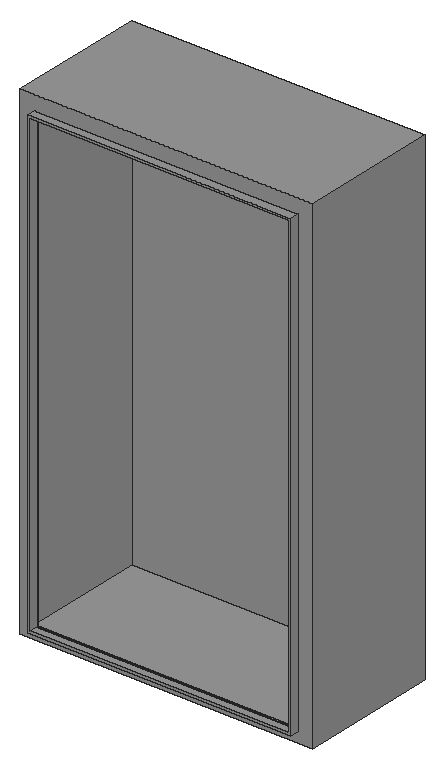
Revit family "Hager-Univers-IP30-D161-3rows-Cl.II-FWB_encl_empty-NoHosted-CH-en", category Equipement électrique, Revit 2020
Family settings
  Configuration du panneau = Deux colonnes, circuits au sein
  Cote de connecteur circulaire = Utiliser le diamètre
  Type d'élément = Tableau de raccordement
  Basée sur le plan de construction = Oui
  Toujours verticalement = Oui
  Couper avec des vides une fois chargée = Non
  Partagée = Non
  Point de calcul de pièce = Non
Parameters (values of type "Surface mounted (plaster) IP30 W300 H500 D161  - FWB31D1")
  Width Control [instance] = if([EF000008 - Width] > Min Width, [EF000008 - Width], Min Width)  # 300 mm
  Commentaires du type = [HG000003 - Range]  # "Univers"
  Thickness Door [instance] = if([EF009171 - Material plate thickness door/cover] > 3 mm, 3 mm, [EF009171 - Material plate thickness door/cover])  # 2 mm
  Seal Frame Offset [instance] = 17 mm  # constant formula
  Plinth Visibility [instance] = [HG000027 - Plinth height] > 0 mm  # no
  Min Width [instance] = 100 mm  # constant formula
  Min Depth [instance] = (2 * [EF009170 - Material plate thickness cabinet]) + 1 mm  # 5 mm
  Min Height [instance] = 100 mm  # constant formula
  Internal Frame Depth [instance] = (Door System Depth * 0.5)  # 9 mm
  Panel Name [instance] = ""  # (empty or 0)
  Model = ""
  HG000027 - Plinth height = 0 mm
  HG000026 - Floor standing = no
  HG000024 - Bottom section height = 600 mm
  HG000023 - Double section enclosure = no
  HG000016 - Door 3d visibility [instance] = yes
  HG000015 - Clearance visibility [instance] = no
  HG000014 - Door on the right [instance] = yes
  HG000013 - Door on the left [instance] = not([HG000014 - Door on the right])  # no
  HG000012 - Door swing angle [instance] = 30.00°
  HG000010 - Asymmetric doors = no
  HG000009 - Double swing door = no
  HG000006 - Flush mounted = no
  HG000004 - Manufacturer reference = "FWB31D1"
  HG000003 - Range = "Univers"
  HG000002 - With door or cover = no
  Frame Offset Bottom [instance] = 10 mm  # constant formula
  Frame Offset [instance] = 15 mm  # constant formula
  EF015940 - Cover with overpressure release = no
  EF011959 - Degree of protection (NEMA) = ""
  EF009554 - Number of openings for flange plates = 2
  EF009212 - Cover model = "EV009916 - With notch"
  EF009171 - Material plate thickness door/cover = 2 mm
  EF009170 - Material plate thickness cabinet = 2 mm
  EF008873 - Nominal current (In) = 125 A
  EF007800 - Suitable for lightning protection = no
  EF006306 - With lock = no
  EF006244 - Transparent cover/door = no
  EF005474 - Degree of protection (IP) = "EV006410 - IP30"
  EF004464 - Type of door = "EV000494 - None"
  EF004427 - Number of modules = 36
  EF004293 - Impact strength = "EV006815 - IK09"
  EF003532 - Suitable for outdoor use = no
  EF002950 - Width in number of modular spacings = 12
  EF001613 - Circuit integrity = "EV000494 - None"
  EF001596 - Material housing = "EV000179 - Steel"
  EF001131 - Internal depth = 156 mm
  EF001088 - Extension possible = yes
  EF000437 - Number of conduit inlets = 4
  EF000339 - Type of cover = "EV000494 - None"
  EF000266 - Number of rows = 0
  EF000218 - Built-in depth = 0 mm
  EF000118 - With mounting plate = no
  EF000116 - RAL-number = "9010"
  EF000049 - Depth = 161 mm
  EF000040 - Height = 500 mm
  EF000008 - Width = 300 mm
  EF000007 - Colour = "EV000202 - White"
  EF000003 - Mounting method = "EV000384 - Surface mounted (plaster)"
  Door System Leaf Tolerance [instance] = 1.5 mm  # constant formula
  Door System Depth [instance] = 18 mm  # constant formula
  Door Height [instance] = Height Control - [HG000027 - Plinth height]  # 500 mm
  Description = ""
  Default Elevation = 1219.2 mm
  Connector Offset [instance] = Height Control / 2  # 250 mm
  Fabricant = "Hager"  # constant formula
  Height Control [instance] = if([EF000040 - Height] > Min Height, [EF000040 - Height], Min Height)  # 500 mm
  Depth Control [instance] = if([EF000049 - Depth] > Min Depth, [EF000049 - Depth], Min Depth)  # 161 mm
  Bottom Top Plate Trim [instance] = 1.5 mm  # constant formula
  Plinth height Ctrl [instance] = if([HG000027 - Plinth height] > 0 mm, [HG000027 - Plinth height], 12 mm)  # 12 mm
Reference planes
  plane 1 "Center (Front/Back)": y = 0
  plane 2: z = 0
  plane 3 "Center (Left/Right)": x = 0
  plane 4: y = 0
  plane 5: y = 0
  plane 6: z = 0
  plane 7: x = -150
  plane 8: x = 150
  plane 9: x = 148
  plane 10: x = -148
  plane 11: z = 0
  plane 12: z = 2
  plane 13: y = -161
  plane 14: y = -2
  plane 15: x = 0
  plane 16: y = -143
  plane 17: y = -159
  plane 18: y = -141
  plane 19: x = -133
  plane 20: x = 133
  plane 21: z = 12
  plane 22: x = -133
  plane 23: x = 133
  plane 24: z = 0
  plane 25: z = 500
  plane 26: z = 500
  plane 27: z = 483
  plane 28: z = 498
Forms (mm)
  Extrusion 1, solid, material "Hager_Steel_RAL7035_Light_Grey", detail levels medium+fine
    sketch origin (-208.679, -4572, 0) x (-1, 0, 0) y (0, -1, 0)
      loop
        line (-58.679, -4429) -> (-358.679, -4429) -> (-358.679, -4572) -> (-58.679, -4572) -> (-58.679, -4429)
    from 0 to 500
  Extrusion 2, void
    sketch origin (-350.771, -161, 1219.2) x (1, 0, 0) y (0, 0, 1)
      loop
        line (202.771, -721.2) -> (202.771, -1217.2) -> (498.771, -1217.2) -> (498.771, -721.2) -> (202.771, -721.2)
    from -20 to -159
  Extrusion 3, void
    sketch origin (-290.084, -143, 1219.2) x (1, 0, 0) y (0, 0, 1)
      loop
        line (157.084, -1207.2) -> (423.084, -1207.2) -> (423.084, -736.2) -> (157.084, -736.2) -> (157.084, -1207.2)
    from 0 to -2
  Extrusion 4, solid, material "Hager_Steel_RAL7035_Light_Grey", visible <- "Plinth Visibility", detail levels medium+fine
    sketch origin (0, 0, 0) x (1, 0, 0) y (0, 1, 0)
      loop
        line (-150, 0) -> (-150, -143) -> (150, -143) -> (150, 0) -> (-150, 0)
    from 0 to 12 <- "Plinth height Ctrl"
  Extrusion 5, solid, material "Hager_Steel_RAL7035_Light_Grey", detail levels coarse
    sketch origin (0, 0, 0) x (1, 0, 0) y (0, 1, 0)
      loop
        line (-150, 0) -> (-150, -161) -> (150, -161) -> (150, 0) -> (-150, 0)
    from 0 to 500 <- "Height Control"
  Sweep 6, void
    path in 3D
      loop
        line (-150, -143, 12) -> (150, -143, 12) -> (150, 0, 12) -> (-150, 0, 12) -> (-150, -143, 12)
    profile origin (-150, -71.5, 12) x (1, 0, 0) y (0, 0, 1)
      loop
        line (0, 0) -> (0, -1.5) -> (1.5, -1.5)
        arc (1.5, -1.5) -> (1.061, -0.439) -> (0, 0) r 1.5
  Extrusion 7, solid, material "Hager_Steel_RAL7035_Light_Grey", detail levels fine
    sketch origin (-150, -143, 0) x (1, 0, 0) y (0, 0, 1)
      loop
        line (17, 12) -> (283, 12) -> (283, 483) -> (17, 483) -> (17, 12)
      loop
        line (15, 10) -> (285, 10) -> (285, 485) -> (15, 485) -> (15, 10)
    from 0 to 9 <- "Internal Frame Depth"
Cuts and joins
  Extrusion 2, Extrusion 3 cuts Extrusion 1
  Sweep 6 cuts Extrusion 4
Lines and regions (mm)
  Masking region 1
    outline origin (0, 0, 0) x (1, 0, 0) y (0, 1, 0)
      loop
        line (-150, 0) -> (-150, -161) -> (150, -161) -> (150, 0) -> (-150, 0)
  Masking region 2, detail levels coarse
    outline origin (-290.084, -143, 1219.2) x (-1, 0, 0) y (0, 0, 1)
      loop
        line (-440.084, -1219.2) -> (-140.084, -1219.2) -> (-140.084, -719.2) -> (-440.084, -719.2) -> (-440.084, -1219.2)
  Masking region 3, detail levels coarse
    outline origin (0, 0, 0) x (0, 1, 0) y (0, 0, 1)
      loop
        line (0, 0) -> (0, 500) -> (-161, 500) -> (-161, 0) -> (0, 0)
  Masking region 4, visible <- "Plinth Visibility", detail levels medium+fine
    outline origin (0, 0, 0) x (0, 1, 0) y (0, 0, 1)
      loop
        line (-1.5, 12) -> (-141.5, 12)
        arc (-141.5, 12) -> (-141.939, 10.939) -> (-143, 10.5) r 1.5
        line (-143, 10.5) -> (-143, 0) -> (0, 0) -> (0, 10.5)
        arc (0, 10.5) -> (-1.061, 10.939) -> (-1.5, 12) r 1.5
  Masking region 5, detail levels medium+fine
    outline origin (0, 0, 594.038) x (0, 1, 0) y (0, 0, 1)
      loop
        line (0, -594.038) -> (0, -94.038) -> (-143, -94.038) -> (-143, -594.038) -> (0, -594.038)
  Masking region 6, detail levels medium+fine
    outline origin (-359.7, -143, 1211.883) x (-1, 0, 0) y (0, 0, 1)
      loop
        line (-509.7, -1211.883) -> (-209.7, -1211.883) -> (-209.7, -711.883) -> (-509.7, -711.883) -> (-509.7, -1211.883)
  Masking region 7, visible <- "Plinth Visibility", detail levels medium+fine
    outline origin (-320.334, -143, 1041.368) x (-1, 0, 0) y (0, 0, 1)
      loop
        line (-470.334, -1041.368) -> (-170.334, -1041.368) -> (-170.334, -1030.868)
        arc (-170.334, -1030.868) -> (-171.394, -1030.429) -> (-171.834, -1029.368) r 1.5
        line (-171.834, -1029.368) -> (-468.834, -1029.368)
        arc (-468.834, -1029.368) -> (-469.273, -1030.429) -> (-470.334, -1030.868) r 1.5
        line (-470.334, -1030.868) -> (-470.334, -1041.368)
  sketch lines
    curve 1: line (-150, 0, 12) -> (-150, -143, 12)
    curve 2: line (-150, -143, 12) -> (150, -143, 12)
    curve 3: line (150, 0, 12) -> (-150, 0, 12)
    curve 4: line (150, -143, 12) -> (150, 0, 12)
Dimensions and locks
  locked: plane 1 "Center (Front/Back)" to plane 5
  "EF009170 - Material plate thickness cabinet": plane 7 to plane 10
  "EF009170 - Material plate thickness cabinet": plane 8 to plane 9
  equal spacing: plane 7, plane 3 "Center (Left/Right)", plane 8
  "Width Control": plane 7 to plane 8
  "Depth Control": plane 4 to plane 13
  "EF009170 - Material plate thickness cabinet": plane 4 to plane 14
  "Height Control": plane 25 to level
  "HG000027 - Plinth height": plane 11 to level
  "EF009170 - Material plate thickness cabinet": plane 12 to plane 11
  "EF009170 - Material plate thickness cabinet": plane 17 to plane 13
  "EF009170 - Material plate thickness cabinet": plane 18 to plane 16
  "Frame Offset Bottom": plane 21 to plane 12
  "Frame Offset": plane 10 to plane 19
  "Frame Offset": plane 9 to plane 20
  "Door System Depth": plane 16 to plane 13
  "Seal Frame Offset": plane 7 to plane 22
  "Seal Frame Offset": plane 8 to plane 23
  "EF009170 - Material plate thickness cabinet": plane 26 to plane 28
  "Frame Offset": plane 28 to plane 27
  "Connector Offset": plane 2 to connector elem
  "Bottom Top Plate Trim": profile plane to Sweep 6 sketch curve
  "Bottom Top Plate Trim": Sweep 6 sketch curve to Sweep 6 sketch curve
  "Plinth height Ctrl": Masking region 4 sketch curve to level
  "Plinth height Ctrl": Masking region 7 sketch curve to level
  "Thickness Door": Extrusion 7 sketch curve to Extrusion 7 sketch curve  (x4)
  "Bottom Top Plate Trim": radius of Sweep 6 sketch curve
  "Bottom Top Plate Trim": radius of Masking region 4 sketch curve  (x2)
  "Bottom Top Plate Trim": radius of Masking region 7 sketch curve  (x2)
  aligned and locked: plane 12 to Extrusion 2 sketch curve
  aligned and locked: Extrusion 2 sketch curve to plane 9
  aligned and locked: Extrusion 2 sketch curve to plane 10
  aligned and locked: plane 14 to Extrusion 2
  aligned and locked: plane 4 to Extrusion 1 sketch curve
  aligned and locked: plane 8 to Extrusion 1 sketch curve
  aligned and locked: plane 7 to Extrusion 1 sketch curve
  aligned and locked: Extrusion 2 to plane 18
  aligned and locked: plane 19 to Extrusion 3 sketch curve
  aligned and locked: plane 20 to Extrusion 3 sketch curve
  aligned and locked: Extrusion 3 to Extrusion 2
  aligned and locked: Extrusion 3 sketch curve to plane 21
  aligned and locked: plane 3 "Center (Left/Right)" to nested 1
  aligned and locked: Extrusion 1 sketch curve to plane 16
  aligned and locked: Extrusion 4 sketch curve to cut or joined group of Extrusion 1, Extrusion 2, Extrusion 3
  aligned and locked: Masking region 1 sketch curve to plane 7
  aligned and locked: Masking region 1 sketch curve to plane 5
  aligned and locked: Masking region 1 sketch curve to plane 8
  aligned and locked: Masking region 2 sketch curve to level
  aligned and locked: level to Masking region 3 sketch curve
  aligned and locked: plane 1 "Center (Front/Back)" to Masking region 3 sketch curve
  aligned and locked: plane 13 to Masking region 3 sketch curve
  aligned and locked: plane 5 to Masking region 4 sketch curve
  aligned and locked: Masking region 2 sketch curve to plane 8
  aligned and locked: Masking region 2 sketch curve to plane 7
  aligned and locked: plane 7 to nested 2
  aligned and locked: nested 2 to plane 5
  aligned and locked: plane 5 to Masking region 5 sketch curve
  aligned and locked: plane 26 to Masking region 5 sketch curve
  aligned and locked: Extrusion 5 sketch curve to plane 8
  aligned and locked: Extrusion 5 sketch curve to plane 7
  aligned and locked: Extrusion 5 sketch curve to plane 5
  aligned and locked: plane 27 to Extrusion 3 sketch curve
  aligned and locked: Extrusion 2 sketch curve to plane 28
  aligned and locked: Masking region 2 to plane 25
  aligned and locked: Extrusion 4 to plane 16
  aligned and locked: profile plane to Sweep 6 sketch curve
  aligned and locked: Masking region 5 sketch curve to plane 24
  aligned and locked: level to Masking region 4 sketch curve
  aligned and locked: Masking region 1 to plane 13
  aligned and locked: nested 1 to plane 16
  aligned and locked: Masking region 3 to plane 25
  aligned and locked: plane 16 to Masking region 4 sketch curve
  aligned and locked: Masking region 5 sketch curve to plane 16
  aligned and locked: plane 24 to plane 11
  aligned and locked: plane 26 to plane 25
  aligned and locked: plane 26 to cut or joined group of Extrusion 1, Extrusion 2, Extrusion 3
  aligned and locked: nested 1 to plane 24
  aligned and locked: Extrusion 1 to Extrusion 3
  aligned and locked: Masking region 6 sketch curve to plane 8
  aligned and locked: plane 24 to Masking region 6 sketch curve
  aligned and locked: Masking region 6 sketch curve to plane 7
  aligned and locked: Masking region 6 sketch curve to plane 26
  aligned and locked: Masking region 7 sketch curve to plane 7
  aligned and locked: level to Masking region 7 sketch curve
  aligned and locked: Masking region 7 sketch curve to plane 8
  aligned and locked: Extrusion 7 sketch curve to cut or joined group of Extrusion 1, Extrusion 2, Extrusion 3  (x4)
Automatic sketch dimensions
  plane 19 to Extrusion 3 sketch curve = 0 mm
  Extrusion 3 sketch curve to plane 20 = 0 mm
  Extrusion 3 sketch curve to plane 21 = 0 mm
  Extrusion 4 sketch curve to plane 7 = 0 mm
  Extrusion 4 sketch curve to plane 8 = 0 mm
  Extrusion 4 sketch curve to plane 16 = 0 mm
  Masking region 1 sketch curve to plane 13 = 0 mm
  Masking region 2 sketch curve to plane 25 = 0 mm
  Masking region 3 sketch curve to plane 25 = 0 mm
  Extrusion 5 sketch curve to plane 13 = 0 mm
  profile plane to Sweep 6 sketch curve = 0 mm
Nested families
  nested 1: "EC000058_Univers_Door" at (0, -143, 0), Double <- "HG000009 - Double swing door", Transparent <- "EF006244 - Transparent cover/door", Angle <- "HG000012 - Door swing angle", Door_Right <- "HG000014 - Door on the right", Assymetrical <- "HG000010 - Asymmetric doors", Door <- "HG000002 - With door or cover", Width_Ctrl <- "Width Control", 3d_Door <- "HG000016 - Door 3d visibility", Clearance <- "HG000015 - Clearance visibility", Door_Left <- "HG000013 - Door on the left", Width <- "Width Control", Door_Depth <- "Door System Depth", Leaf_Tolerance <- "Door System Leaf Tolerance", Height <- "Door Height", Lock_Visibility <- "EF006306 - With lock", Thickness <- "Thickness Door", type "EC000058_Univers_Door", detail levels medium+fine
    with min_wh 5 mm, Width_Ctrl 300 mm, Width 300 mm, Transparent no, Thickness 2 mm, Seal_Material Hager_Rubber, Lock_Visibility no, Lock_Material Hager_Plastic_RAL9005_Jet_Black, Leaf_Width 300 mm, Leaf_Tolerance_External_Sides 0 mm, Leaf_Tolerance 1.5 mm, Leaf_Offset 0 mm, Leaf_Height 497 mm, Leaf_2_Width 300 mm, Leaf_2_Offset 150 mm, Leaf_1_Width 300 mm, Leaf_1_Offset 150 mm, Height_Ctrl 500 mm, Height 500 mm, Glass_Material Hager_Glass, Double_Clearance_Ctrl no, Double no, Door_Right_Ctrl no, Door_Right yes, Door_Material Hager_Steel_RAL7035_Light_Grey, Door_Left_Ctrl no, Door_Left no, Door_Depth 18 mm, Door no, Clearance_Material Hager_Clearance, Clearance_Depth 300 mm, Clearance_Ctrl no, Clearance no, Assymetrical no, Angle 30.00°, 3d_Door yes
  nested 2: "Hager_Enclosure_Symbol" at (-150, 0, 0), Height <- "Depth Control", Width <- "Width Control", type "Hager_Enclosure_Symbol"
    with Width_Ctrl 300 mm, Width 300 mm, Height_Ctrl 161 mm, Height 161 mm, A_Width_Int 10.566 mm, A_Width 126.788 mm, A_Height_Ctrl 140.875 mm, A_Height 140.875 mm
Connectors
  electrical at (0, 0, 250)
    settings: on plane 1 "Center (Front/Back)", index 1, voltage 0 V, apparent load 0 VA, apparent load phase1 0 VA, apparent load phase2 0 VA, apparent load phase3 0 VA, power factor 1, load classification "Other", number of poles 1, system type 30, power factor state 1, is connector primary yes, connector utility no, sub classification motor no, connector description ""
Definition of nested family "EC000058_Univers_Door"
  Parameters (values of type "EC000058_Univers_Door")
    min_wh [instance] = (2 * Thickness) + 1 mm  # 11 mm
    Width_Ctrl [instance] = 400 mm
    Width [instance] = 500 mm
    Transparent [instance] = yes
    Thickness [instance] = 5 mm
    Seal_Material [instance] = none
    Lock_Visibility [instance] = yes
    Lock_Material [instance] = none
    Leaf_Width [instance] = if((Width_Ctrl - 2 * Leaf_Tolerance_External_Sides) > 0 mm, (Width_Ctrl - 2 * Leaf_Tolerance_External_Sides), min_wh)  # 400 mm
    Leaf_Tolerance_External_Sides [instance] = 0 mm  # constant formula
    Leaf_Tolerance [instance] = 1.5 mm
    Leaf_Offset [instance] = 0 mm  # constant formula
    Leaf_Height [instance] = if((Height_Ctrl - 2 * Leaf_Tolerance) > 0 mm, (Height_Ctrl - 2 * Leaf_Tolerance), min_wh)  # 497 mm
    Leaf_2_Width [instance] = if(and(and(Double, Assymetrical), Door_Left), (Leaf_Width / 3) - (Leaf_Tolerance / 2), if(and(and(Double, Assymetrical), Door_Right), (Leaf_Width / 3) * 2 - (Leaf_Tolerance / 2), if(and(Double, not(Assymetrical)), (Leaf_Width / 2) - Leaf_Tolerance, Leaf_Width)))  # 400 mm
    Leaf_2_Offset [instance] = if(and(Double, Assymetrical), Leaf_2_Width / 2, if(and(Double, not(Assymetrical)), Leaf_Width / 4, Leaf_Width / 2))  # 200 mm
    Leaf_1_Width [instance] = if(and(and(Double, Assymetrical), Door_Right), (Leaf_Width / 3) - (Leaf_Tolerance / 2), if(and(and(Double, Assymetrical), Door_Left), (Width / 3) * 2 - (Leaf_Tolerance / 2), if(and(Double, not(Assymetrical)), (Leaf_Width / 2) - Leaf_Tolerance, Leaf_Width)))  # 400 mm
    Leaf_1_Offset [instance] = if(and(Double, Assymetrical), Leaf_1_Width / 2, if(and(Double, not(Assymetrical)), Leaf_Width / 4, Leaf_Width / 2))  # 200 mm
    Height_Ctrl [instance] = if(Height > min_wh, Height, min_wh)  # 500 mm
    Height [instance] = 500 mm
    Glass_Material [instance] = none
    Double_Clearance_Ctrl [instance] = and(Double, Clearance)  # no
    Double [instance] = no
    Door_Right_Ctrl [instance] = and(or(Door_Right, Double), Door)  # yes
    Door_Right [instance] = yes
    Door_Material [instance] = none
    Door_Left_Ctrl [instance] = and(or(Door_Left, Double), Door)  # no
    Door_Left [instance] = no
    Door_Depth [instance] = 30 mm
    Door [instance] = yes
    Default Elevation = 1219.2 mm
    Clearance_Material [instance] = none
    Clearance_Depth [instance] = if(Leaf_1_Width > Leaf_2_Width, Leaf_1_Width, Leaf_2_Width)  # 400 mm
    Clearance_Ctrl [instance] = and(not(Double), Clearance)  # yes
    Clearance [instance] = yes
    Assymetrical [instance] = yes
    Angle [instance] = 30.00°
    3d_Door [instance] = yes
  Reference planes
    plane 1 "Center (Front/Back)": y = 0
    plane 2 "Bottom": z = 0
    plane 3 "Center (Left/Right)": x = 0
    plane 4: z = 500
    plane 5: x = -200
    plane 6: x = 200
    plane 7: z = 500
    plane 8: x = -200
    plane 9: z = 0
    plane 10: x = 200
    plane 11: y = 0
    plane 12: z = 1.5
    plane 13: x = -600
    plane 14: y = -400
    plane 15: x = 600
    plane 16: x = 0
    plane 17: x = 0
    plane 18: x = -200
    plane 19: x = 200
    plane 20: z = 498.5
  Forms (mm)
    Extrusion 1, solid, material <- "Clearance_Material", visible <- "Double_Clearance_Ctrl"
      sketch origin (1200, 0, 0) x (1, 0, 0) y (0, 0, -1)
        loop
          line (-1800, -498.5) -> (-600, -498.5) -> (-600, 0) -> (-1800, 0) -> (-1800, -498.5)
      from 0 to -400
  Dimensions and locks
    equal spacing: plane 5, plane 3 "Center (Left/Right)", plane 6
    "Width_Ctrl": plane 5 to plane 6
    "Leaf_Offset": plane 5 to plane 8
    "Leaf_Offset": plane 6 to plane 10
    "Leaf_Offset": plane 9 to level
    "Leaf_Offset": plane 4 to plane 7
    "Height_Ctrl": plane 4 to level
    "Leaf_Tolerance": plane 12 to plane 9
    locked: plane 11 to plane 1 "Center (Front/Back)"
    "Leaf_1_Offset": plane 18 to plane 16
    "Leaf_2_Offset": plane 17 to plane 19
    "Leaf_1_Width": plane 13 to plane 8
    "Leaf_2_Width": plane 10 to plane 15
    "Clearance_Depth": plane 14 to plane 1 "Center (Front/Back)"
    "Leaf_Tolerance_External_Sides": plane 8 to plane 18
    "Leaf_Tolerance_External_Sides": plane 19 to plane 10
    "Leaf_Tolerance": plane 7 to plane 20
    aligned and locked: level to plane 2 "Bottom"
    aligned and locked: nested 1 to plane 16
    aligned and locked: nested 2 to plane 17
    aligned and locked: Extrusion 1 to plane 13
    aligned and locked: plane 15 to Extrusion 1
    aligned and locked: Extrusion 1 to plane 14
    aligned and locked: plane 12 to nested 1
    aligned and locked: nested 2 to plane 12
    aligned and locked: Extrusion 1 to plane 11
    aligned and locked: plane 20 to Extrusion 1
    aligned and locked: nested 2 to plane 11
    aligned and locked: nested 1 to plane 11
  Automatic sketch dimensions
    Extrusion 1 sketch curve to level = 0 mm
    plane 5 to Extrusion 1 sketch curve = 400 mm
    plane 6 to Extrusion 1 sketch curve = 400 mm
    Extrusion 1 sketch curve to plane 4 = 1.5 mm
  Nested families
    nested 1: "EC000058_Univers_Door_Leaf" at (0, 0, 1.5), Width <- "Leaf_1_Width", visible <- "Door_Left_Ctrl", Leaf_Height <- "Leaf_Height", Angle <- "Angle", 3d_Door <- "3d_Door", Transparent <- "Transparent", Clearance Material <- "Clearance_Material", Clearance <- "Clearance_Ctrl", Door_Material <- "Door_Material", Glass_Material <- "Glass_Material", Door_Depth <- "Door_Depth", Lock_Material <- "Lock_Material", Seal_Material <- "Seal_Material", Lock_Visibility <- "Lock_Visibility", Thickness <- "Thickness", type "EC000058_Univers_Door_Leaf"
      with Width 400 mm, Transparent_Glass_Offset 30 mm, Transparent_Ctrl yes, Transparent yes, Thickness 5 mm, Standard no, Seal_Material none, Seal_D2 8 mm, Seal_D1 1 mm, Offset_Internal_Frame 10 mm, Lock_Width 20 mm, Lock_Visibility_3d yes, Lock_Visibility yes, Lock_Thickness_3 3 mm, Lock_Thickness_2 1 mm, Lock_Thickness_1 3 mm, Lock_Radius_Offset_2 16 mm, Lock_Radius_Offset_1 15 mm, Lock_Radius_2 5 mm, Lock_Radius 6 mm, Lock_Offset 5 mm, Lock_Material none, Lock_Height 80 mm, Lock_Cover_Top_Offset_2d 17 mm, Lock_Cover_Height -65 mm, Leaf_Height 497 mm, Internal_Seal_Thickness 8 mm, Internal_Seal_Depth_2 4.5 mm, Internal_Frame_Depth 25 mm, Glass_Thickness -1 mm, Glass_Offset -2 mm, Glass_Material none, Door_Material none, Door_Depth 30 mm, Clearance Material none, Clearance yes, Angle_Ctrl 30.00°, Angle 30.00°, 3d_Door yes
    nested 2: "EC000058_Univers_Door_Leaf" at (0, 0, 1.5) x (-1, 0, 0) z (0, 0, 1), Width <- "Leaf_2_Width", visible <- "Door_Right_Ctrl", Leaf_Height <- "Leaf_Height", Angle <- "Angle", 3d_Door <- "3d_Door", Transparent <- "Transparent", Clearance Material <- "Clearance_Material", Clearance <- "Clearance_Ctrl", Door_Material <- "Door_Material", Glass_Material <- "Glass_Material", Door_Depth <- "Door_Depth", Lock_Material <- "Lock_Material", Seal_Material <- "Seal_Material", Lock_Visibility <- "Lock_Visibility", Thickness <- "Thickness", type "EC000058_Univers_Door_Leaf"
      with Width 400 mm, Transparent_Glass_Offset 30 mm, Transparent_Ctrl yes, Transparent yes, Thickness 5 mm, Standard no, Seal_Material none, Seal_D2 8 mm, Seal_D1 1 mm, Offset_Internal_Frame 10 mm, Lock_Width 20 mm, Lock_Visibility_3d yes, Lock_Visibility yes, Lock_Thickness_3 3 mm, Lock_Thickness_2 1 mm, Lock_Thickness_1 3 mm, Lock_Radius_Offset_2 16 mm, Lock_Radius_Offset_1 15 mm, Lock_Radius_2 5 mm, Lock_Radius 6 mm, Lock_Offset 5 mm, Lock_Material none, Lock_Height 80 mm, Lock_Cover_Top_Offset_2d 17 mm, Lock_Cover_Height -65 mm, Leaf_Height 497 mm, Internal_Seal_Thickness 8 mm, Internal_Seal_Depth_2 4.5 mm, Internal_Frame_Depth 25 mm, Glass_Thickness -1 mm, Glass_Offset -2 mm, Glass_Material none, Door_Material none, Door_Depth 30 mm, Clearance Material none, Clearance yes, Angle_Ctrl 30.00°, Angle 30.00°, 3d_Door yes
  Definition of nested family "EC000058_Univers_Door_Leaf"
    Parameters (values of type "EC000058_Univers_Door_Leaf")
      Width [instance] = 2000 mm
      Transparent_Glass_Offset [instance] = 30 mm
      Transparent_Ctrl [instance] = and(Transparent, [3d_Door])  # yes
      Transparent [instance] = yes
      Thickness [instance] = 5 mm
      Standard [instance] = and(not(Transparent), [3d_Door])  # no
      Seal_Material [instance] = none
      Seal_D2 [instance] = 8 mm  # constant formula
      Seal_D1 [instance] = 1 mm  # constant formula
      Offset_Internal_Frame [instance] = 10 mm  # constant formula
      Lock_Width [instance] = 20 mm  # constant formula
      Lock_Visibility_3d [instance] = and(Lock_Visibility, [3d_Door])  # yes
      Lock_Visibility [instance] = yes
      Lock_Thickness_3 [instance] = 3 mm  # constant formula
      Lock_Thickness_2 [instance] = 1 mm  # constant formula
      Lock_Thickness_1 [instance] = 3 mm  # constant formula
      Lock_Radius_Offset_2 [instance] = Lock_Radius_Offset_1 + 1 mm  # 16 mm
      Lock_Radius_Offset_1 [instance] = 15 mm  # constant formula
      Lock_Radius_2 [instance] = Lock_Radius - 1 mm  # 5 mm
      Lock_Radius [instance] = 6 mm  # constant formula
      Lock_Offset [instance] = 5 mm  # constant formula
      Lock_Material [instance] = none
      Lock_Height [instance] = 80 mm  # constant formula
      Lock_Cover_Top_Offset_2d [instance] = Lock_Radius_Offset_2 + 1 mm  # 17 mm
      Lock_Cover_Height [instance] = -(Lock_Height - Lock_Radius_Offset_1)  # -65 mm
      Leaf_Height [instance] = 2720.336 mm
      Internal_Seal_Thickness [instance] = 8 mm  # constant formula
      Internal_Seal_Depth_2 [instance] = 4.5 mm  # constant formula
      Internal_Frame_Depth [instance] = if(Door_Depth - Thickness > 5 mm, Door_Depth - Thickness, 5 mm)  # 25 mm
      Glass_Thickness [instance] = if(Thickness > 15 mm, Glass_Offset + 10 mm, -1 mm)  # -1 mm
      Glass_Offset [instance] = if(Thickness > 15 mm, -(Thickness + 10 mm) / 2, -2 mm)  # -2 mm
      Glass_Material [instance] = none
      Door_Material [instance] = none
      Door_Depth [instance] = 30 mm
      Default Elevation = 0 mm
      Clearance Material [instance] = none
      Clearance [instance] = yes
      Angle_Ctrl [instance] = if(Angle > 180.00°, 180.00°, Angle)  # 90.00°
      Angle [instance] = 90.00°
      3d_Door [instance] = yes
    Reference planes
      plane 1 "Center (Front/Back)": y = 0
      plane 2: z = 0
      plane 3 "Center (Left/Right)": x = 0
      plane 4: y = 2000
      plane 5: x = -1000
      plane 6: x = 1000
      plane 7: x = -3000
      plane 8: z = 2720.336
      plane 9: z = 30
      plane 10: z = 2690.336
      plane 11: x = 970
      plane 12: x = -970
      plane 13: y = -3
      plane 14: z = 107.833
      plane 15: y = -5
      plane 16: y = -223.314
      plane 17: x = -1000
      plane 18: z = 1360.168
      plane 19: y = 30
    Forms (mm)
      Extrusion 1, solid, material <- "Clearance Material", visible <- "Clearance"
        sketch origin (0, 0, 0) x (1, 0, 0) y (0, 0, 1)
          loop
            line (-3000, 2720.336) -> (-3000, 0) -> (1000, 0) -> (1000, 2720.336) -> (-3000, 2720.336)
        from 0 to -2000
      Extrusion 2, solid, material <- "Door_Material", visible <- "Standard", detail levels medium+fine
        sketch origin (-1000, 0, 0) x (0, 1, 0) y (-1, 0, 0)
          loop
            line (0, 30) -> (0, 25) -> (2000, 25) -> (2000, 30) -> (0, 30)
        from 0 to 2720.336 <- "Leaf_Height"
      Extrusion 3, solid, material <- "Door_Material", visible <- "Transparent_Ctrl", detail levels medium+fine
        sketch origin (-1000, 0, 0) x (0, 1, 0) y (-1, 0, 0)
          loop
            line (0, 25) -> (2000, 25) -> (2000, 30) -> (0, 30) -> (0, 25)
        from 0 to 2720.336 <- "Leaf_Height"
      Extrusion 4, void
        sketch origin (-1025, 2000, 0) x (0, 1, 0) y (0, 0, -1)
          loop
            line (-30, -2690.336) -> (-30, -30) -> (-1970, -30) -> (-1970, -2690.336) -> (-30, -2690.336)
        from 0 to 5 <- "Thickness"
      Sweep 5, solid, material <- "Seal_Material", visible <- "Transparent_Ctrl", detail levels fine
        path in 3D
          loop
            line (-1025, 30, 30) -> (-1025, 30, 2690.336) -> (-1025, 1970, 2690.336) -> (-1025, 1970, 30) -> (-1025, 30, 30)
        profile origin (-1025, 1000, 30) x (1, 0, 0) y (0, 0, 1)
          loop
            line (0, 0) -> (0, -8) -> (1, -8) -> (1, 0) -> (0, 0)
      Extrusion 6, solid, material <- "Glass_Material", visible <- "Transparent_Ctrl", detail levels medium+fine
        sketch origin (-1030, 0, 0) x (0, 1, 0) y (0, 0, -1)
          loop
            line (1970, -2690.336) -> (1970, -30) -> (30, -30) -> (30, -2690.336) -> (1970, -2690.336)
        from -2 <- "Glass_Offset" to -1 <- "Glass_Thickness"
      Extrusion 7, solid, material <- "Door_Material", visible <- "3d_Door", detail levels medium+fine
        sketch origin (-1025, 2000, 0) x (0, -1, 0) y (0, 0, -1)
          loop
            line (0, -2720.336) -> (2000, -2720.336) -> (2000, 0) -> (0, 0) -> (0, -2720.336)
          loop
            line (1995, -5) -> (5, -5) -> (5, -2715.336) -> (1995, -2715.336) -> (1995, -5)
        from 0 to 25 <- "Internal_Frame_Depth"
      Sweep 8, solid, material <- "Seal_Material", visible <- "Transparent_Ctrl", detail levels fine
        path in 3D
          loop
            line (-1025, 0, 0) -> (-1025, 2000, 0) -> (-1025, 2000, 2720.336) -> (-1025, 0, 2720.336) -> (-1025, 0, 0)
        profile origin (-1025, 0, 1360.168) x (1, 0, 0) y (0, 1, 0)
          loop
            line (0, 10) -> (2.975, 10)
            arc (2.975, 10) -> (4.053, 10.447) -> (4.5, 11.525) r 1.525
            line (4.5, 11.525) -> (4.5, 16.527)
            arc (4.5, 16.527) -> (4.069, 17.569) -> (3.027, 18) r 1.473
            line (3.027, 18) -> (0, 18) -> (0, 10)
      Extrusion 9, solid, material <- "Lock_Material", visible <- "Lock_Visibility_3d", detail levels fine
        sketch origin (-1030, 0, 0) x (0, 1, 0) y (0, 0, -1)
          loop
            arc (1993.5, -1400.168) -> (1994.561, -1399.729) -> (1995, -1398.668) r 1.5
            line (1995, -1398.668) -> (1995, -1320.168) -> (1975, -1320.168) -> (1975, -1398.668)
            arc (1975, -1398.668) -> (1975.439, -1399.729) -> (1976.5, -1400.168) r 1.5
            line (1976.5, -1400.168) -> (1993.5, -1400.168)
        from 3 <- "Lock_Thickness_1" to 0
      Blend 10, solid, material <- "Lock_Material", visible <- "Lock_Visibility_3d", detail levels fine
        base sketch origin (-1033, 0, 0) x (0, 1, 0) y (0, 0, -1)
          loop
            line (1975, -1320.168) -> (1975, -1398.668)
            arc (1975, -1398.668) -> (1975.439, -1399.729) -> (1976.5, -1400.168) r 1.5
            line (1976.5, -1400.168) -> (1993.5, -1400.168)
            arc (1993.5, -1400.168) -> (1994.561, -1399.729) -> (1995, -1398.668) r 1.5
            line (1995, -1398.668) -> (1995, -1320.168) -> (1975, -1320.168)
        top sketch origin (-1033, 0, 0) x (0, 1, 0) y (0, 0, -1)
          loop
            line (1976, -1320.168) -> (1976, -1398.668)
            arc (1976, -1398.668) -> (1976.146, -1399.022) -> (1976.5, -1399.168) r 0.5
            line (1976.5, -1399.168) -> (1993.5, -1399.168)
            arc (1993.5, -1399.168) -> (1993.854, -1399.022) -> (1994, -1398.668) r 0.5
            line (1994, -1398.668) -> (1994, -1320.168) -> (1976, -1320.168)
        from 0 to 1 <- "Lock_Thickness_2"
      Blend 11, solid, material <- "Lock_Material", visible <- "Lock_Visibility_3d", detail levels fine
        base sketch origin (-1034, 0, 0) x (0, 1, 0) y (0, 0, -1)
          loop
            line (1978, -1320.168) -> (1978, -1384.168)
            arc (1978, -1384.168) -> (1985, -1391.168) -> (1992, -1384.168) r 7
            line (1992, -1384.168) -> (1992, -1320.168) -> (1978, -1320.168)
        top sketch origin (-1034, 0, 0) x (0, 1, 0) y (0, 0, -1)
          loop
            line (1991, -1320.168) -> (1979, -1320.168) -> (1979, -1383.168)
            arc (1979, -1383.168) -> (1985, -1389.168) -> (1991, -1383.168) r 6
            line (1991, -1383.168) -> (1991, -1320.168)
        from 0 to 3 <- "Lock_Thickness_3"
      Extrusion 12, solid, material <- "Lock_Material", visible <- "Lock_Visibility_3d", detail levels fine
        sketch origin (-1030, 1975, 1320.168) x (1, 0, 0) y (0, -1, 0)
          loop
            line (-7, -19) -> (-7, -1) -> (0, -1) -> (0, 0) -> (-8, 0) -> (-8, -20) -> (0, -20) -> (0, -19) -> (-7, -19)
        from 0 to -65 <- "Lock_Cover_Height"
      Extrusion 13, void
        sketch origin (-1038, 1995, 1320.168) x (-1, 0, 0) y (0, 0, -1)
          loop
            line (-5, -65) -> (0, -65) -> (-5, -60) -> (-5, -65)
        from 0 to 20 <- "Lock_Width"
      Extrusion 14, void
        sketch origin (-1038, 1975, 1320.168) x (0, -1, 0) y (0, 0, -1)
          loop
            circle (-10, -15.995) r 6
          loop
            circle (-10, -15.995) r 5
        from 0 to 2
      Extrusion 15, solid, material <- "Lock_Material", visible <- "Lock_Visibility_3d", detail levels medium
        sketch origin (-1030, 0, 0) x (0, 1, 0) y (0, 0, -1)
          loop
            arc (1993.5, -1400.168) -> (1994.561, -1399.729) -> (1995, -1398.668) r 1.5
            line (1995, -1398.668) -> (1995, -1320.168) -> (1975, -1320.168) -> (1975, -1398.668)
            arc (1975, -1398.668) -> (1975.439, -1399.729) -> (1976.5, -1400.168) r 1.5
            line (1976.5, -1400.168) -> (1993.5, -1400.168)
        from 8 to 0
    Cuts and joins
      Extrusion 4 cuts Extrusion 3
      Extrusion 13, Extrusion 14 cuts Extrusion 9
      Extrusion 14 cuts Blend 11
      Extrusion 13, Extrusion 14 cuts Extrusion 12
      joined: Extrusion 9, Blend 10, Blend 11, Extrusion 12
      Extrusion 14 cuts Extrusion 15
    Lines and regions (mm)
      Masking region 1, visible <- "Lock_Visibility", detail levels fine
        outline origin (0, 0, 0) x (0, 1, 0) y (0, 0, 1)
          loop
            line (30, 1320.168) -> (33, 1320.168) -> (33, 1400.168) -> (30, 1400.168) -> (30, 1320.168)
      Masking region 2, visible <- "Lock_Visibility", detail levels fine
        outline origin (0, 3.143, 0) x (0, 1, 0) y (0, 0, 1)
          loop
            line (29.857, 1354.168) -> (30.857, 1354.168) -> (30.857, 1366.168) -> (29.857, 1366.168) -> (29.857, 1354.168)
      Masking region 3, detail levels medium+fine
        outline origin (0, 0, 0) x (0, 1, 0) y (0, 0, 1)
          loop
            line (0, 0) -> (30, 0) -> (30, 2720.336) -> (0, 2720.336) -> (0, 0)
      Masking region 4, detail levels medium+fine
        outline origin (0, 0, 0) x (1, 0, 0) y (0, 0, 1)
          loop
            line (-1000, 2720.336) -> (-1000, 0) -> (1000, 0) -> (1000, 2720.336) -> (-1000, 2720.336)
      Masking region 5, visible <- "Lock_Visibility", detail levels fine
        outline origin (-47.116, 0, 0) x (1, 0, 0) y (0, 0, 1)
          loop
            arc (1024.616, 1399.168) -> (1023.556, 1398.729) -> (1023.116, 1397.668) r 1.5
            line (1023.116, 1397.668) -> (1023.116, 1320.168) -> (1041.116, 1320.168) -> (1041.116, 1397.668)
            arc (1041.116, 1397.668) -> (1040.677, 1398.729) -> (1039.616, 1399.168) r 1.5
            line (1039.616, 1399.168) -> (1024.616, 1399.168)
      Masking region 6, visible <- "Lock_Visibility", detail levels medium+fine
        outline origin (-25, 0, 0) x (1, 0, 0) y (0, 0, 1)
          loop
            arc (1001.5, 1400.168) -> (1000.439, 1399.729) -> (1000, 1398.668) r 1.5
            line (1000, 1398.668) -> (1000, 1320.168) -> (1020, 1320.168) -> (1020, 1398.668)
            arc (1020, 1398.668) -> (1019.561, 1399.729) -> (1018.5, 1400.168) r 1.5
            line (1018.5, 1400.168) -> (1001.5, 1400.168)
      Masking region 7, visible <- "Lock_Visibility", detail levels fine
        outline origin (-73.735, 0, 0) x (1, 0, 0) y (0, 0, 1)
          loop
            line (1051.735, 1382.168) -> (1065.735, 1382.168) -> (1065.735, 1384.168)
            arc (1065.735, 1384.168) -> (1058.735, 1391.168) -> (1051.735, 1384.168) r 7
            line (1051.735, 1384.168) -> (1051.735, 1382.168)
      Masking region 8, visible <- "Lock_Visibility", detail levels fine
        outline origin (-73.735, 0, 0) x (1, 0, 0) y (0, 0, 1)
          loop
            line (1052.735, 1382.168) -> (1064.735, 1382.168) -> (1064.735, 1383.168)
            arc (1064.735, 1383.168) -> (1058.735, 1389.168) -> (1052.735, 1383.168) r 6
            line (1052.735, 1383.168) -> (1052.735, 1382.168)
      Masking region 9, visible <- "Lock_Visibility", detail levels fine
        outline origin (-25, 0, 0) x (1, 0, 0) y (0, 0, 1)
          loop
            line (1020, 1320.168) -> (1020, 1382.168) -> (1000, 1382.168) -> (1000, 1320.168) -> (1020, 1320.168)
      Masking region 10, detail levels medium+fine
        outline origin (0, 0, 0) x (1, 0, 0) y (0, 0, 1)
          loop
            circle (985, 1335.144) r 6
      Masking region 11, detail levels fine
        outline origin (0, 0, 0) x (1, 0, 0) y (0, 0, 1)
          loop
            circle (985, 1335.144) r 5
      Masking region 12, visible <- "Lock_Visibility", detail levels fine
        outline origin (0, 12.767, 0) x (0, 1, 0) y (0, 0, 1)
          loop
            line (20.233, 1320.168) -> (21.233, 1320.168) -> (21.233, 1399.168) -> (20.233, 1400.168) -> (20.233, 1320.168)
      Masking region 13, visible <- "Lock_Visibility", detail levels fine
        outline origin (0, 13.767, -10) x (0, 1, 0) y (0, 0, 1)
          loop
            line (20.233, 1330.168) -> (23.233, 1330.168) -> (23.233, 1399.168) -> (20.233, 1402.168) -> (20.233, 1330.168)
      Masking region 14, visible <- "Lock_Visibility", detail levels fine
        outline origin (0, 12.767, -10) x (0, 1, 0) y (0, 0, 1)
          loop
            line (20.233, 1330.168) -> (25.233, 1330.168) -> (25.233, 1399.305) -> (20.233, 1394.305) -> (20.233, 1330.168)
      Masking region 15, visible <- "Lock_Visibility", detail levels medium
        outline origin (0, 0, 0) x (0, 1, 0) y (0, 0, 1)
          loop
            line (30, 1320.168) -> (38, 1320.168) -> (38, 1400.168) -> (30, 1400.168) -> (30, 1320.168)
      Masking region 16, visible <- "Lock_Visibility", detail levels fine
        outline origin (-1000, 0, 0) x (0, 1, 0) y (-1, 0, 0)
          loop
            line (1975, 30) -> (1995, 30) -> (1995, 38) -> (1975, 38) -> (1975, 30)
          loop
            line (1979, 37) -> (1976, 37) -> (1976, 34) -> (1978, 34) -> (1979, 37)
          loop
            line (1994, 37) -> (1991, 37) -> (1992, 34) -> (1994, 34) -> (1994, 37)
      Masking region 17, visible <- "Lock_Visibility", detail levels medium
        outline origin (-1000, 0, 0) x (0, 1, 0) y (-1, 0, 0)
          loop
            line (1975, 30) -> (1995, 30) -> (1995, 38) -> (1975, 38) -> (1975, 30)
      symbolic lines
        curve 1: line (1000, 0, 0) -> (-3000, 0, 0)
        curve 2: arc (1000, 0, 0) -> (-1000, 2000, 0) -> (-3000, 0, 0) r 2000
        curve 4: line (-1030, 0, 0) -> (-1030, 2000, 0)
      reference lines
        curve 3: line (-1000, 0, 0) -> (-1000, 2000, 0)
      symbolic lines, detail levels medium+fine
        curve 5: line (-1030, 2000, 0) -> (-1025, 2000, 0)
        curve 7: line (-1025, 0, 0) -> (-1030, 0, 0)
        curve 8: line (-1025, 0, 0) -> (-1000, 0, 0)
        curve 9: line (-1000, 0, 0) -> (-1000, 2000, 0)
        curve 10: line (-1000, 2000, 0) -> (-1025, 2000, 0)
      symbolic lines, detail levels fine
        curve 6: line (-1025, 2000, 0) -> (-1025, 0, 0)
      sketch lines
        curve 11: line (-1025, 0, 2720.336) -> (-1025, 0, 0)
        curve 12: line (-1025, 2000, 0) -> (-1025, 0, 0)
        curve 13: line (-1025, 2000, 2720.336) -> (-1025, 2000, 0)
        curve 14: line (-1025, 0, 2720.336) -> (-1025, 2000, 2720.336)
        curve 15: line (-1025, 1970, 30) -> (-1025, 30, 30)
        curve 16: line (-1025, 30, 30) -> (-1025, 30, 2690.336)
        curve 17: line (-1025, 1970, 2690.336) -> (-1025, 1970, 30)
        curve 18: line (-1025, 30, 2690.336) -> (-1025, 1970, 2690.336)
      symbolic lines, visible <- "Transparent", detail levels medium+fine
        curve 19: line (-970, 0, 2690.336) -> (970, 0, 2690.336)
        curve 20: line (-970, 0, 30) -> (-970, 0, 2690.336)
        curve 21: line (970, 0, 30) -> (-970, 0, 30)
        curve 22: line (970, 0, 2690.336) -> (970, 0, 30)
    Dimensions and locks
      "Width": plane 1 "Center (Front/Back)" to plane 4
      equal spacing: plane 5, plane 3 "Center (Left/Right)", plane 6
      "Width": plane 5 to plane 6
      "Width": plane 7 to plane 5
      "Leaf_Height": plane 8 to level
      "Width": curve 5 to curve 3
      "Width": curve 3 to curve 3
      plane 8 to plane 10 = 30 mm
      plane 9 to level = 30 mm
      plane 12 to plane 5 = 30 mm
      plane 6 to plane 11 = 30 mm
      Extrusion 1 to Extrusion 4 sketch curve = 30 mm
      "Transparent_Glass_Offset": curve 3 to Extrusion 4 sketch curve
      "Transparent_Glass_Offset": Extrusion 4 sketch curve to cut or joined group of Extrusion 3, Extrusion 4  (x2)
      cut or joined group of Extrusion 3, Extrusion 4 to Extrusion 6 sketch curve = 30 mm
      "Transparent_Glass_Offset": cut or joined group of Extrusion 3, Extrusion 4 to Extrusion 4 sketch curve
      "Thickness": curve 6 to curve 4
      "Thickness": Extrusion 7 sketch curve to Extrusion 7 sketch curve  (x4)
      "Door_Depth": curve 4 to curve 3
      "Offset_Internal_Frame": profile plane to Sweep 8 sketch curve
      "Internal_Seal_Thickness": Sweep 8 sketch curve to Sweep 8 sketch curve
      "Internal_Seal_Depth_2": profile plane to Sweep 8 sketch curve
      "Seal_D1": profile plane to Sweep 5 sketch curve
      "Seal_D2": profile plane to Sweep 5 sketch curve
      "Thickness": Extrusion 2 sketch curve to Extrusion 2 sketch curve
      equal spacing: Extrusion 9 sketch curve, plane 18, Extrusion 9 sketch curve  (x2)
      equal spacing: Masking region 1 sketch curve, plane 18, Masking region 1 sketch curve
      "Lock_Height": Masking region 1 sketch curve to Masking region 1 sketch curve
      "Lock_Radius": Masking region 2 sketch curve to plane 18 to Masking region 2 sketch curve
      Masking region 2 sketch curve to Masking region 1 = 1 mm
      "Door_Depth": plane 19 to plane 1 "Center (Front/Back)"
      "Lock_Thickness_1": Masking region 1 sketch curve to plane 19
      "Lock_Width": Extrusion 9 sketch curve to Extrusion 9 sketch curve
      "Lock_Height": Extrusion 9 sketch curve to Extrusion 9 sketch curve
      "Lock_Offset": cut or joined group of Extrusion 3, Extrusion 4 to Extrusion 9 sketch curve
      equal spacing: plane 8, plane 18, level
      "Lock_Radius_Offset_1": Blend 11 sketch curve to Blend 10
      locked: Blend 10 to Blend 11 sketch curve at 2  (x2)
      locked: var sketch to Blend 11 sketch curve at 1  (x2)
      "Lock_Radius_Offset_2": Blend 11 sketch curve to Blend 10
      locked: Extrusion 12 sketch curve to Extrusion 12 sketch curve at 1  (x3)
      Masking region 6 sketch curve to Masking region 6 sketch curve = 80 mm
      "Lock_Height": Masking region 6 sketch curve to Masking region 6 sketch curve
      "Lock_Width": Masking region 6 sketch curve to Masking region 6 sketch curve
      locked: Masking region 6 to Masking region 5 sketch curve at 1  (x3)
      locked: Masking region 5 to Masking region 7 sketch curve at 2  (x2)
      "Lock_Radius_Offset_1": Masking region 5 to Masking region 7 sketch curve
      "Lock_Radius_Offset_2": Masking region 5 to Masking region 8 sketch curve
      locked: Masking region 7 to Masking region 8 sketch curve at 1  (x2)
      "Lock_Cover_Top_Offset_2d": Masking region 5 to Masking region 9 sketch curve
      equal spacing: Masking region 9, Masking region 10 sketch curve, Masking region 9
      equal spacing: Masking region 9, Masking region 11 sketch curve, Masking region 9
      Extrusion 15 sketch curve to Extrusion 15 sketch curve = 80 mm
      "Lock_Width": Extrusion 15 sketch curve to Extrusion 15 sketch curve
      "Lock_Height": Extrusion 15 sketch curve to Extrusion 15 sketch curve
      equal spacing: Extrusion 15 sketch curve, plane 18, Extrusion 15 sketch curve
      "Lock_Thickness_3": Masking region 13 sketch curve to Masking region 13 sketch curve
      "Lock_Height": Masking region 12 sketch curve to Masking region 12 sketch curve
      locked: Masking region 13 sketch curve to Masking region 1 at 8
      locked: Masking region 14 sketch curve to Masking region 13 at 1
      locked: Masking region 14 sketch curve to Masking region 1 at 10.863
      "Lock_Height": Masking region 15 sketch curve to Masking region 15 sketch curve
      "Lock_Offset": Extrusion 15 sketch curve to cut or joined group of Extrusion 3, Extrusion 4
      "Lock_Offset": plane 6 to Masking region 6 sketch curve
      radius of Sweep 8 sketch curve = 1.525 mm
      radius of Sweep 8 sketch curve = 1.473 mm
      radius of Extrusion 9 sketch curve = 1.5 mm  (x2)
      "Lock_Radius": radius of Extrusion 14 sketch curve
      "Lock_Radius_2": radius of Extrusion 14 sketch curve
      "Lock_Radius": radius of Masking region 10 sketch curve
      "Lock_Radius_2": radius of Masking region 11 sketch curve
      radius of Extrusion 15 sketch curve = 1.5 mm  (x2)
      "Angle_Ctrl": angle plane 1 "Center (Front/Back)" to curve 3
      locked: Masking region 12 sketch curve to Masking region 12 sketch curve (angle 45.00°)
      locked: Masking region 13 sketch curve to Masking region 13 sketch curve (angle 45.00°)
      locked: Masking region 14 sketch curve to Masking region 14 sketch curve (angle 45.00°)
      aligned and locked: level to plane 2
      aligned and locked: Extrusion 1 to curve 1
      aligned and locked: plane 6 to Extrusion 1
      aligned and locked: Extrusion 1 to plane 1 "Center (Front/Back)"
      aligned and locked: plane 4 to Extrusion 1
      aligned and locked: plane 8 to Extrusion 1
      aligned and locked: curve 7 to Extrusion 2 sketch curve
      aligned and locked: curve 5 to Extrusion 2 sketch curve
      aligned and locked: curve 7 to Extrusion 3 sketch curve
      aligned and locked: Extrusion 3 sketch curve to curve 4
      aligned and locked: Extrusion 3 sketch curve to curve 6
      aligned and locked: Extrusion 3 sketch curve to curve 5
      aligned and locked: curve 9 to curve 3
      aligned and locked: Extrusion 7 sketch curve to cut or joined group of Extrusion 3, Extrusion 4  (x4)
      aligned and locked: plane 17 to curve 3
      aligned and locked: plane 1 "Center (Front/Back)" to curve 3
      aligned and locked: plane 17 to plane 5
      aligned and locked: Sweep 8 sketch curve to profile plane
      aligned and locked: Sweep 5 sketch curve to profile plane  (x2)
      aligned and locked: Masking region 1 to Masking region 2 sketch curve
      aligned and locked: plane 19 to Masking region 1 sketch curve
      aligned and locked: plane 1 "Center (Front/Back)" to Masking region 3 sketch curve
      aligned and locked: plane 19 to Masking region 3 sketch curve
      aligned and locked: level to Masking region 3 sketch curve
      aligned and locked: Masking region 3 sketch curve to plane 8
      aligned and locked: plane 17 to Masking region 4 sketch curve
      aligned and locked: level to Masking region 4 sketch curve
      aligned and locked: Masking region 4 sketch curve to plane 8
      aligned and locked: plane 12 to curve 20
      aligned and locked: plane 10 to curve 19
      aligned and locked: plane 11 to curve 22
      aligned and locked: curve 21 to plane 9
      aligned and locked: Extrusion 2 sketch curve to cut or joined group of Extrusion 3, Extrusion 4
      aligned and locked: Blend 10 sketch curve to Extrusion 9  (x4)
      aligned and locked: Extrusion 9 to Blend 10 sketch curve
      aligned and locked: Blend 10 to Blend 11 sketch curve
      aligned and locked: Extrusion 12 sketch curve to Blend 11
      aligned and locked: Extrusion 12 sketch curve to Extrusion 9  (x4)
      aligned and locked: Masking region 5 sketch curve to Masking region 6
      aligned and locked: Masking region 9 sketch curve to Masking region 6  (x3)
      aligned and locked: Masking region 12 sketch curve to Masking region 1
      aligned and locked: Masking region 13 sketch curve to Masking region 1
      aligned and locked: Masking region 12 to Masking region 14
      aligned and locked: Masking region 14 sketch curve to Masking region 1
      aligned and locked: Masking region 15 sketch curve to Masking region 14
      aligned and locked: Masking region 13 sketch curve to Masking region 12
      aligned and locked: Masking region 16 sketch curve to cut or joined group of Extrusion 14, Extrusion 15  (x4)
      aligned and locked: Masking region 16 sketch curve to cut or joined group of Extrusion 9, Blend 10, Blend 11, Extrusion 12, Extrusion 13, Extrusion 14  (x6)
      aligned and locked: cut or joined group of Extrusion 9, Blend 10, Blend 11, Extrusion 12, Extrusion 13, Extrusion 14 to Masking region 16 sketch curve
      aligned and locked: Masking region 17 sketch curve to cut or joined group of Extrusion 14, Extrusion 15  (x3)
      aligned and locked: Masking region 17 sketch curve to cut or joined group of Extrusion 9, Blend 10, Blend 11, Extrusion 12, Extrusion 13, Extrusion 14
      aligned and locked: Masking region 9 to Masking region 8 sketch curve
      aligned and locked: Masking region 9 to Masking region 7 sketch curve
    Automatic sketch dimensions
      plane 1 "Center (Front/Back)" to curve 2 = 0 mm
      curve 2 to plane 5 = 0 mm
      Extrusion 1 sketch curve to level = 0 mm
      Extrusion 1 sketch curve to plane 7 = 0 mm
      Extrusion 1 sketch curve to plane 6 = 0 mm
      Extrusion 1 sketch curve to plane 8 = 0 mm
      Extrusion 3 to Extrusion 6 sketch curve = 30 mm  (x4)
      Masking region 4 sketch curve to plane 6 = 0 mm
      Blend 10 sketch curve to Extrusion 9 = 1.5 mm
      Blend 10 sketch curve to Extrusion 9 = 1 mm
      Extrusion 13 sketch curve to Extrusion 12 = 0 mm  (x2)
      Extrusion 12 to Extrusion 13 sketch curve = 3 mm
      Extrusion 13 sketch curve to Extrusion 12 = 5 mm
      Extrusion 14 sketch curve to Extrusion 14 sketch curve = 0 mm  (x2)
      Extrusion 14 sketch curve to Extrusion 12 = 10 mm
      Extrusion 14 sketch curve to Extrusion 12 = 15.995 mm
      Masking region 5 sketch curve to Masking region 5 sketch curve = 1.5 mm  (x2)
      Masking region 10 sketch curve to plane 18 = 25.024 mm
      Masking region 11 sketch curve to plane 18 = 25.024 mm
      plane 19 to Masking region 14 sketch curve = 3 mm
      Masking region 16 sketch curve to Masking region 16 sketch curve = 3 mm
      curve 4 to curve 3 = 0 mm
      Blend 10 to Blend 11 sketch curve = 0 mm
      Masking region 6 sketch curve to Masking region 6 sketch curve = 1.5 mm  (x2)
      Masking region 6 sketch curve to plane 18 = 40 mm
      plane 19 to Masking region 12 sketch curve = 3 mm
      Masking region 12 sketch curve to Masking region 12 sketch curve = 1 mm
      Masking region 15 sketch curve to plane 19 = 0 mm
      Masking region 15 sketch curve to plane 18 = 40 mm
      radius of Blend 10 sketch curve to Extrusion 9 = 1 mm
Definition of nested family "Hager_Enclosure_Symbol"
  Parameters (values of type "Hager_Enclosure_Symbol")
    Width_Ctrl [instance] = if(Width > 1 mm, Width, 1 mm)  # 102.27 mm
    Width [instance] = 102.27 mm
    Height_Ctrl [instance] = if(Height > 1 mm, Height, 1 mm)  # 66.5 mm
    A_Width_Int [instance] = if(A_Width / 12 > 2 mm, A_Width / 12, 2 mm)  # 4.364 mm
    A_Width [instance] = if(A_Height_Ctrl * 0.9 > 2 mm, A_Height_Ctrl * 0.9, 2 mm)  # 52.369 mm
    A_Height_Ctrl [instance] = if(A_Height > 2 mm, A_Height, 2 mm)  # 58.188 mm
    Height [instance] = 66.5 mm
    A_Height [instance] = Height - (Height / 8)  # 58.188 mm
  Reference planes
    plane 1 "Centre (avant/arrière)": y = 0
    plane 2: z = 0
    plane 3 "Centre (gauche/droite)": x = 0
    plane 4: x = 52.369
    plane 5: y = 33.042
    plane 6: y = 41.77
    plane 7: y = 66.5
    plane 8: x = 26.184
    plane 9: y = 37.406
    plane 10: x = 102.27
    plane 11: y = 66.5
    plane 12: y = 8.313
  Lines and regions (mm)
    Filled region 1, type "Solid_Black", in view "Niveau de réf."
      outline origin (0, 0, 0) x (1, 0, 0) y (0, 1, 0)
        loop
          line (52.369, 66.5) -> (33.188, 54.536) -> (45.365, 45.006) -> (52.369, 66.5)
    Filled region 2, type "Solid_Black", in view "Niveau de réf."
      outline origin (0, 0, 0) x (1, 0, 0) y (0, 1, 0)
        loop
          line (0, 0) -> (102.27, 0) -> (102.27, 66.5) -> (0, 0)
    detail lines, in view "Niveau de réf."
      curve 1: line (0, 8.313, 0) -> (26.184, 41.77, 0)
      curve 2: line (26.184, 41.77, 0) -> (26.184, 33.042, 0)
      curve 3: line (26.184, 33.042, 0) -> (52.369, 66.5, 0)
  Dimensions and locks
    "A_Width": plane 3 "Centre (gauche/droite)" to plane 4
    equal spacing: plane 3 "Centre (gauche/droite)", plane 8, plane 4
    equal spacing: plane 6, plane 9, plane 5
    equal spacing: curve 3, Filled region 1 sketch curve, Filled region 1 sketch curve
    "Height_Ctrl": plane 1 "Centre (avant/arrière)" to plane 11
    "A_Height_Ctrl": plane 11 to plane 12
    equal spacing: plane 11, plane 9, plane 12
    "A_Width_Int": plane 6 to plane 9
    "Width_Ctrl": plane 3 "Centre (gauche/droite)" to plane 10
    angle Filled region 1 sketch curve to curve 3 = 20.00°
    angle curve 3 to Filled region 1 sketch curve = 20.00°
    locked: curve 3 to Filled region 1 sketch curve (angle 90.00°)
    aligned and locked: plane 10 to Filled region 2
    aligned and locked: plane 11 to Filled region 2 sketch curve
    aligned and locked: plane 10 to Filled region 2 sketch curve
    aligned and locked: plane 3 "Centre (gauche/droite)" to curve 1
    aligned and locked: plane 12 to curve 1
    aligned and locked: plane 7 to plane 11
  Automatic sketch dimensions
    Filled region 1 sketch curve to plane 4 = 0 mm
    Filled region 1 sketch curve to plane 7 = 0 mm
    plane 1 "Centre (avant/arrière)" to Filled region 2 sketch curve = 0 mm
    Filled region 2 sketch curve to plane 3 "Centre (gauche/droite)" = 0 mm
    curve 2 to plane 6 = 0 mm
    curve 2 to plane 8 = 0 mm
    curve 3 to plane 4 = 0 mm
    curve 2 to plane 5 = 0 mm
    curve 3 to plane 7 = 0 mm
